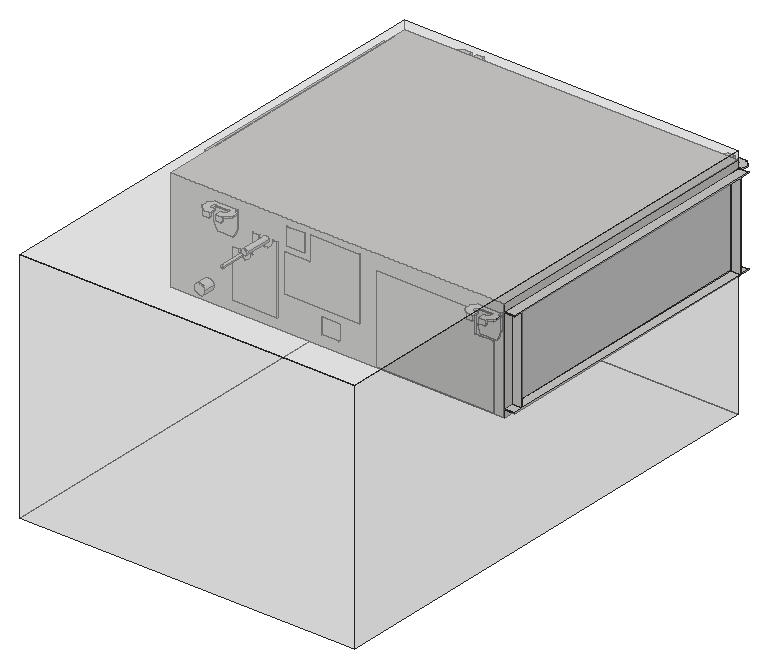
Revit family "outputfile", category 機械設備, Revit 2024
Family settings
  丸型コネクタ寸法 = 半径を使用
  パーツ タイプ = 標準
  OmniClass 番号 = 23.75.10.24.21.27.27
  OmniClass タイトル = Split System Air Conditioning Units
  作業面ベース = いいえ
  常に垂直 = はい
  ロード時にボイドで切り取り = いいえ
  注釈の向きを維持 = いいえ
  共有 = いいえ
  部屋計算ポイント = はい
Parameters (values of type "FBFC40DVM9")
  Description = ""
  製造元 = "Daikin"
  書き出し IFC クラス(タイプ) = "IfcUnitaryEquipmentType"
  定義済み IFC タイプ(タイプ) = "AIRCONDITIONINGUNIT"
  Cost = 0
  モデル = "FBFC40DVM9"
  Type Comments = ""
  Keynote = ""
  Type Image = (empty or 0)
  Assembly Code = ""
  switch_frequency = yes
  r_Liquid Pipe Size = Liquid Pipe Size / 2  # 3.2 mm
  r_Gas Pipe Size = Gas Pipe Size / 2  # 6.35 mm
  r_Drain Pipe Size = Drain Pipe Size / 2  # 12.5 mm
  lw_power = 770.0 mm  # constant formula
  lh_SA = 138.0 mm  # constant formula
  lw_SA = if(Depth = 550.0 mm, 225.0 mm, if(Depth = 700.0 mm, 300.0 mm, if(Depth = 1000.0 mm, 450.0 mm, if(Depth = 1400.0 mm, 650.0 mm, 725.0 mm))))  # 300.0 mm
  lw_RA = if(Depth = 550.0 mm, 275.0 mm, if(Depth = 700.0 mm, 349.0 mm, if(Depth = 1000.0 mm, 499.0 mm, if(Depth = 1400.0 mm, 699.0 mm, 775.0 mm))))  # 349.0 mm
  lh_power = 60.0 mm + [h***]  # 60.0 mm
  lh_mountinghole1 = lh_mountinghole + [h***]  # 222.0 mm
  lh_RA = 123.0 mm  # constant formula
  ld_power = Depth / 2  # 350.0 mm
  connector_voltage = Voltage_50Hz  # 230 V
  connector_powerinput = [Power Input (Cooling)]  # 0.000 kW
  connector_phase = Phase_50Hz  # 1
  Voltage_comment_50Hz = "220 - 240"
  Voltage_50Hz = 230 V
  URL = ""
  Supply Air Direction [instance] = yes
  Sound Power Level_H speed (dB) = 0
  Phase_50Hz = 1
  Minimum External Static Pressure = 30.00 Pa
  Minimum Circuit Amps_50Hz = 0.0 A
  Maximum Fuse Amps_50Hz = 0.0 A
  Maximum External Static Pressure = 130.00 Pa
  Material_Casing = DAIKIN_GalvanizedSteel_Casing_indoorunit
  lw_mountinghole = 630.0 mm  # constant formula
  lh_gaspipe = 183.0 mm + [h***]  # 183.0 mm
  lh_mountinghole = 222.0 mm  # constant formula
  lh_liquidpipe = 136.0 mm + [h***]  # 136.0 mm
  lh_drainpipe = 38.0 mm + [h***]  # 38.0 mm
  lh_antena = Height - lh_mountinghole + 1.0 mm  # 24.0 mm
  ld_drainpipe = Depth / 2 + 26.0 mm  # 376.0 mm
  ld_liquidpipe = Depth / 2 + 69.0 mm  # 419.0 mm
  ld_gaspipe = Depth / 2 + 65.0 mm  # 415.0 mm
  ld_mountinghole = Depth + 38.0 mm  # 738.0 mm
  h*** = 0.0 mm  # constant formula
  lw_liquidpipe = 179.0 mm  # constant formula
  lw_gaspipe = 229.0 mm  # constant formula
  lw_drainpipe = 91.0 mm  # constant formula
  Width = 800.0 mm
  Version = "ver.1.0"
  Unit Type = "M.S.P. Duct"
  Unit Mass Weight = 26.00 kg
  Unit Designation [instance] = ""
  Uniclass2015Version = "Products v1.30"
  Uniclass2015Title = "Split coil room air conditioning units"
  Uniclass2015Code = "Pr_70_65_03_86"
  Total Cooling Capacity [instance] = 0.000 kW
  Sound Pressure Level_M speed (dBA) = 35
  Sound Pressure Level_L speed (dBA) = 30
  Sound Pressure Level_H speed (dBA) = 37
  Series = "SkyAir_Fan Coil Unit"
  Sensible Cooling Capacity [instance] = 0.000 kW
  SA Duct Size Width = 492.0 mm
  SA Duct Size Height = 176.0 mm
  Refrigerant Type = "R32"
  RA Duct Size Width = 654.0 mm
  RA Duct Size Height = 208.0 mm
  Power Input (Cooling) = 0.000 kW
  Option Accessory 3 [instance] = ""
  Option Accessory 2 [instance] = ""
  Option Accessory 1 [instance] = ""
  Nominal Cooling Capacity = 4.000 kW
  Minimum Airflow = 540.00 m³/h
  Median Airflow = 720.00 m³/h
  Maximum Airflow = 930.00 m³/h
  Load Classification = HVAC
  Liquid Pipe Size = 6.4 mm
  Link_Nested Family [instance] = ""
  IfcVersion = ""
  IfcExportType = "AIRCONDITIONINGUNIT"
  IfcExportAs = "IfcUnitaryEquipmentType"
  Height = 245.0 mm
  Heat Exchanger Type = "Cross Fin Coil"
  Gas Pipe Size = 12.7 mm
  Frequency_50Hz = 50 Hz
  Fan Type = "Sirocco Fan"
  Fan Drive = "Direct Drive"
  FCU Tag No. [instance] = ""
  Drain Pipe Size = 25.0 mm
  Design Supply Airflow [instance] = 0.00 m³/h
  Design Return Airflow [instance] = 0.00 m³/h
  Design External Static Pressure [instance] = 0.00 Pa
  Depth = 700.0 mm
  既定の高さ = 0.0 mm
  Cooling Entering Wet Bulb Temperature [instance] = 0.00 °C
  Cooling Entering Dry Bulb Temperature [instance] = 0.00 °C
  Cooling Ambient Wet Bulb Temperature [instance] = 0.00 °C
  Cooling Ambient Dry Bulb Temperature [instance] = 0.00 °C
  Clearance visibility [instance] = yes
  Clearance Top = 20.0 mm
  Clearance Right = 0.0 mm
  Clearance Rear = 0.0 mm
  Clearance Left = 0.0 mm
  Clearance Front = 450.0 mm
  Clearance Bottom = 300.0 mm
Reference planes
  plane 1 "Center (Front/Back)": y = 0
  plane 2 "h": z = 0
  plane 3 "Center (Left/Right)": x = 0
  plane 4 "Back": y = 350
  plane 5 "Front": y = -350
  plane 6 "Left": x = -400
  plane 7 "Right": x = 400
  plane 8 "Top": z = 0
  plane 9 "Bottom": z = -245
  plane 10: y = -215
  plane 11: y = 350
  plane 12: y = -800
  plane 13: x = -400
  plane 14: x = 400
  plane 15: z = 20
  plane 16: z = -545
  plane 17: x = -400
  plane 18: x = -399
  plane 19: x = 399
  plane 20: y = 50
  plane 21: y = -1
  plane 22: z = -122
  plane 23: y = -351
  plane 24: z = -109
  plane 25: x = -221
  plane 26: y = -415
  plane 27: z = -62
  plane 28: x = -171
  plane 29: y = -376
  plane 30: z = -207
  plane 31: x = -309
  plane 32: x = -309
  plane 33: x = -221
  plane 34: x = -171
  plane 35: x = 370
  plane 36: x = -266
  plane 37: x = 364
  plane 38: y = -369
  plane 39: y = 369
  plane 40: z = -23
  plane 41: z = -107
  plane 42: y = -419
  plane 43: y = -376
  plane 44: x = -251
  plane 45: x = -203
  plane 46: x = -144
  plane 47: z = -59
  plane 48: z = -106
  plane 49: z = -221
  plane 50: z = -109
  plane 51: x = -221
  plane 52: z = -62
  plane 53: x = -171
  plane 54: z = -17
  plane 55: z = -59
  plane 56: x = -121
  plane 57: x = -79
  plane 58: x = -125
  plane 59: x = -64
  plane 60: x = 53
  plane 61: z = -164
  plane 62: z = -73
  plane 63: z = -16
  plane 64: x = 93.5
  plane 65: x = 374.5
  plane 66: x = 330
  plane 67: z = -88.5
  plane 68: z = -38
  plane 69: z = -242.5
  plane 70: x = -38.5
  plane 71: x = 6.5
  plane 72: z = -181
  plane 73: z = -221
  plane 74: y = -349
  plane 75: x = -424
  plane 76: x = 424
Forms (mm)
  Extrusion 1, solid, material "DAIKIN_GalvanizedSteel_Casing_indoorunit" <- "Material_Casing"
    sketch origin (0, 0, 0) x (1, 0, 0) y (0, 1, 0)
      loop
        line (-399, 350) -> (-399, -350) -> (399, -350) -> (399, 350) -> (-399, 350)
    from -245 to 0
  Extrusion 2, solid, material "DAIKIN_GalvanizedSteel_Casing_indoorunit" <- "Material_Casing"
    sketch origin (0, 0, 0) x (1, 0, 0) y (0, 0, 1)
      loop
        line (-251, -221) -> (-144, -221) -> (-144, -59) -> (-154.47, -59)
        arc (-154.47, -59) -> (-171, -78.8) -> (-187.53, -59) r 16.8
        line (-187.53, -59) -> (-203, -59) -> (-203, -106) -> (-206.916, -106)
        arc (-206.916, -106) -> (-221, -123.4) -> (-235.084, -106) r 14.4
        line (-235.084, -106) -> (-251, -106) -> (-251, -221)
    from 350 to 351
  Extrusion 3, solid, material "DAIKIN_GalvanizedSteel_Casing_indoorunit" <- "Material_Casing"
    sketch origin (0, 0, 0) x (1, 0, 0) y (0, 0, 1)
      loop
        line (-121, -17) -> (-121, -59) -> (-79, -59) -> (-79, -17) -> (-121, -17)
      loop
        line (-125, -73) -> (-125, -164) -> (53, -164) -> (53, -16) -> (-64, -16) -> (-64, -73) -> (-125, -73)
    from 350 to 351
  Extrusion 4, solid, material "DAIKIN_GalvanizedSteel_Casing_indoorunit" <- "Material_Casing"
    sketch origin (0, 0, 0) x (1, 0, 0) y (0, 0, 1)
      loop
        line (93.5, -38) -> (93.5, -242.5) -> (374.5, -242.5) -> (374.5, -88.5) -> (330, -88.5) -> (330, -38) -> (93.5, -38)
    from 350 to 351
  Extrusion 5, solid, material "DAIKIN_GalvanizedSteel_Casing_indoorunit" <- "Material_Casing"
    sketch origin (0, 0, 0) x (1, 0, 0) y (0, 0, 1)
      loop
        circle (-221, -109) r 3.2
    from 350 to 419
  Extrusion 6, solid, material "DAIKIN_GalvanizedSteel_Casing_indoorunit" <- "Material_Casing"
    sketch origin (0, 0, 0) x (1, 0, 0) y (0, 0, 1)
      loop
        circle (-171, -62) r 6.35
    from 350 to 415
  Extrusion 7, solid, material "DAIKIN_GalvanizedSteel_Casing_indoorunit" <- "Material_Casing"
    sketch origin (0, 0, 0) x (1, 0, 0) y (0, 0, 1)
      loop
        circle (-309, -207) r 12.5
    from 350 to 376
  Extrusion 8, void
    sketch origin (0, 0, 0) x (1, 0, 0) y (0, 0, 1)
      loop
        line (-38.5, -181) -> (-38.5, -221) -> (6.5, -221) -> (6.5, -181) -> (-38.5, -181)
    from 349 to 350
Cuts and joins
  Extrusion 8 cuts Extrusion 1
Dimensions and locks
  "Height": plane 8 "Top" to plane 9 "Bottom"
  equal spacing: plane 4 "Back", plane 1 "Center (Front/Back)", plane 5 "Front"
  "Depth": plane 4 "Back" to plane 5 "Front"
  equal spacing: plane 6 "Left", plane 3 "Center (Left/Right)", plane 7 "Right"
  "Width": plane 6 "Left" to plane 7 "Right"
  "Clearance Left": plane 13 to plane 6 "Left"
  "Clearance Right": plane 7 "Right" to plane 14
  "Clearance Rear": plane 11 to plane 4 "Back"
  "Clearance Front": plane 5 "Front" to plane 12
  "Clearance Top": plane 15 to plane 8 "Top"
  "Clearance Bottom": plane 9 "Bottom" to plane 16
  locked: plane 17 to plane 18 at 1
  locked: plane 19 to plane 14 at 1
  "lw_SA": plane 11 to plane 20
  "lw_RA": plane 21 to plane 5 "Front"
  "lh_RA": plane 22 to plane 9 "Bottom"
  locked: plane 5 "Front" to plane 23 at 1
  "lw_liquidpipe": plane 25 to plane 6 "Left"
  "lh_liquidpipe": plane 24 to plane 9 "Bottom"
  "lh_gaspipe": plane 27 to plane 9 "Bottom"
  "lw_gaspipe": plane 28 to plane 6 "Left"
  "ld_gaspipe": plane 26 to plane 1 "Center (Front/Back)"
  "ld_drainpipe": plane 29 to plane 1 "Center (Front/Back)"
  "lh_drainpipe": plane 30 to plane 9 "Bottom"
  "lw_drainpipe": plane 31 to plane 6 "Left"
  "lw_drainpipe": plane 6 "Left" to plane 32
  "lw_liquidpipe": plane 6 "Left" to plane 33
  "lw_gaspipe": plane 6 "Left" to plane 34
  "lw_power": plane 6 "Left" to plane 35
  locked: plane 17 to plane 36 at 134
  "lw_mountinghole": plane 36 to plane 37
  equal spacing: plane 38, plane 1 "Center (Front/Back)", plane 39
  "ld_mountinghole": plane 39 to plane 38
  "lh_mountinghole": plane 40 to plane 9 "Bottom"
  "lh_SA": plane 41 to plane 9 "Bottom"
  plane 46 to plane 45 to plane 44 to plane 6 "Left" = 59.0 mm, 48.0 mm, 149.0 mm
  plane 8 "Top" to plane 47 to plane 48 to plane 49 = 59.0 mm locked, 47.0 mm locked, 115.0 mm locked
  plane 53 to plane 51 to plane 6 "Left" = 50.0 mm locked, 179.0 mm locked
  plane 52 to plane 50 to plane 9 "Bottom" = 47.0 mm locked, 136.0 mm locked
  plane 57 to plane 56 to plane 6 "Left" = 42.0 mm locked, 279.0 mm locked
  plane 8 "Top" to plane 54 to plane 55 = 17.0 mm locked, 42.0 mm locked
  plane 60 to plane 59 to plane 58 to plane 6 "Left" = 117.0 mm, 61.0 mm, 275.0 mm
  plane 8 "Top" to plane 63 to plane 62 = 16.0 mm locked, 57.0 mm locked
  locked: plane 63 to plane 61 at 148
  plane 8 "Top" to plane 68 to plane 67 to plane 69 = 38.0 mm locked, 50.5 mm locked, 154.0 mm locked
  plane 65 to plane 66 to plane 64 to plane 6 "Left" = 44.5 mm locked, 236.5 mm locked, 493.5 mm locked
  plane 8 "Top" to plane 72 to plane 73 = 181.0 mm locked, 40.0 mm locked
  plane 71 to plane 70 to plane 6 "Left" = 45.0 mm, 361.5 mm
  locked: plane 74 to plane 5 "Front" at 1
  locked: plane 75 to plane 17 at 24
  locked: plane 14 to plane 76 at 24
  "ld_liquidpipe": plane 42 to plane 1 "Center (Front/Back)"
  "r_Liquid Pipe Size": radius of Extrusion 5 sketch curve
  "r_Gas Pipe Size": radius of Extrusion 6 sketch curve
  "r_Drain Pipe Size": radius of Extrusion 7 sketch curve
  aligned and locked: level to plane 2 "h"
  aligned and locked: plane 8 "Top" to Extrusion 1
  aligned and locked: Extrusion 1 to plane 9 "Bottom"
  aligned and locked: nested 5 to plane 12
  aligned and locked: plane 13 to nested 5
  aligned and locked: plane 14 to nested 5
  aligned and locked: nested 5 to plane 13
  aligned and locked: plane 11 to nested 5
  aligned and locked: plane 15 to nested 5
  aligned and locked: plane 16 to nested 5
  aligned and locked: plane 5 "Front" to Extrusion 1 sketch curve
  aligned and locked: Extrusion 1 to plane 18
  aligned and locked: plane 19 to Extrusion 1
  aligned and locked: nested 7 to plane 18
  aligned and locked: nested 7 to plane 20
  aligned and locked: plane 19 to nested 8
  aligned and locked: plane 21 to nested 8
  aligned and locked: plane 22 to nested 8
  aligned and locked: Extrusion 2 to plane 23
  aligned and locked: plane 5 "Front" to Extrusion 2
  aligned and locked: Extrusion 3 to plane 23
  aligned and locked: plane 5 "Front" to Extrusion 3
  aligned and locked: plane 5 "Front" to Extrusion 4
  aligned and locked: Extrusion 5 sketch curve to plane 25
  aligned and locked: plane 24 to Extrusion 5 sketch curve
  aligned and locked: plane 5 "Front" to Extrusion 5
  aligned and locked: Extrusion 6 sketch curve to plane 28
  aligned and locked: plane 27 to Extrusion 6 sketch curve
  aligned and locked: plane 5 "Front" to Extrusion 6
  aligned and locked: Extrusion 7 sketch curve to plane 31
  aligned and locked: plane 30 to Extrusion 7 sketch curve
  aligned and locked: Extrusion 7 to plane 29
  aligned and locked: nested 3 to plane 29
  aligned and locked: plane 32 to nested 3
  aligned and locked: nested 2 to plane 33
  aligned and locked: nested 1 to plane 34
  aligned and locked: Extrusion 6 to plane 26
  aligned and locked: nested 1 to plane 26
  aligned and locked: nested 6 to plane 5 "Front"
  aligned and locked: nested 6 to plane 35
  aligned and locked: plane 36 to nested 10
  aligned and locked: nested 10 to plane 5 "Front"
  aligned and locked: plane 37 to nested 9
  aligned and locked: nested 9 to plane 5 "Front"
  aligned and locked: nested 11 to plane 36
  aligned and locked: plane 4 "Back" to nested 11
  aligned and locked: nested 12 to plane 37
  aligned and locked: plane 4 "Back" to nested 12
  aligned and locked: plane 40 to nested 10
  aligned and locked: plane 40 to nested 11
  aligned and locked: plane 40 to nested 9
  aligned and locked: plane 40 to nested 12
  aligned and locked: plane 36 to nested 14
  aligned and locked: nested 14 to plane 39
  aligned and locked: plane 37 to nested 13
  aligned and locked: nested 13 to plane 39
  aligned and locked: plane 37 to nested 16
  aligned and locked: plane 38 to nested 16
  aligned and locked: plane 38 to nested 15
  aligned and locked: plane 36 to nested 15
  aligned and locked: plane 17 to plane 6 "Left"
  aligned and locked: plane 41 to nested 7
  aligned and locked: Extrusion 5 to plane 42
  aligned and locked: nested 2 to plane 42
  aligned and locked: Extrusion 3 sketch curve to plane 54
  aligned and locked: Extrusion 3 sketch curve to plane 56
  aligned and locked: plane 55 to Extrusion 3 sketch curve
  aligned and locked: plane 57 to Extrusion 3 sketch curve
  aligned and locked: Extrusion 4 to plane 23
  aligned and locked: Extrusion 8 sketch curve to plane 72
  aligned and locked: plane 73 to Extrusion 8 sketch curve
  aligned and locked: plane 71 to Extrusion 8 sketch curve
  aligned and locked: plane 5 "Front" to Extrusion 8
  aligned and locked: plane 74 to Extrusion 8
  aligned and locked: nested 17 to plane 20
  aligned and locked: nested 17 to plane 75
  aligned and locked: plane 21 to nested 18
  aligned and locked: plane 76 to nested 18
  aligned and locked: plane 41 to nested 17
  aligned and locked: nested 18 to plane 22
  aligned and locked: nested 4 to plane 3 "Center (Left/Right)"
  aligned and locked: plane 1 "Center (Front/Back)" to nested 4
  aligned and locked: level to plane 8 "Top"
  aligned and locked: plane 5 "Front" to Extrusion 7
Automatic sketch dimensions
  plane 6 "Left" to Extrusion 1 sketch curve = 1.0 mm
  Extrusion 1 sketch curve to plane 7 "Right" = 1.0 mm
  Extrusion 1 sketch curve to plane 4 "Back" = 0.0 mm
  Extrusion 2 sketch curve to plane 44 = 0.0 mm
  Extrusion 2 sketch curve to plane 33 = 0.0 mm
  Extrusion 2 sketch curve to plane 45 = 0.0 mm
  Extrusion 2 sketch curve to plane 34 = 0.0 mm
  Extrusion 2 sketch curve to plane 46 = 0.0 mm
  Extrusion 2 sketch curve to plane 49 = 0.0 mm
  Extrusion 2 sketch curve to plane 50 = 0.0 mm
  Extrusion 2 sketch curve to plane 48 = 0.0 mm  (x3)
  Extrusion 2 sketch curve to plane 52 = 0.0 mm
  Extrusion 2 sketch curve to plane 47 = 0.0 mm  (x3)
  plane 33 to Extrusion 2 sketch curve = 14.084 mm
  plane 34 to Extrusion 2 sketch curve = 16.53 mm
  Extrusion 3 sketch curve to plane 58 = 0.0 mm
  Extrusion 3 sketch curve to plane 59 = 0.0 mm
  Extrusion 3 sketch curve to plane 60 = 0.0 mm
  Extrusion 3 sketch curve to plane 61 = 0.0 mm
  Extrusion 3 sketch curve to plane 62 = 0.0 mm
  Extrusion 3 sketch curve to plane 63 = 0.0 mm
  Extrusion 4 sketch curve to plane 64 = 0.0 mm
  Extrusion 4 sketch curve to plane 66 = 0.0 mm
  Extrusion 4 sketch curve to plane 65 = 0.0 mm
  Extrusion 4 sketch curve to plane 69 = 0.0 mm
  Extrusion 4 sketch curve to plane 67 = 0.0 mm
  Extrusion 4 sketch curve to plane 68 = 0.0 mm
  Extrusion 8 sketch curve to plane 70 = 0.0 mm
Nested families
  nested 1: "daikin_connector_rotate2" at (-171, 0, -62), length <- "ld_gaspipe", built-in parameter 1001364 <- "lh_gaspipe", radius <- "r_Gas Pipe Size", type "daikin_connector_rotate2"
    with radius 6.35 mm, length 415.0 mm, angle_vertical 90.00°
  nested 2: "daikin_connector_rotate2" at (-221, 0, -109), length <- "ld_liquidpipe", built-in parameter 1001364 <- "lh_liquidpipe", radius <- "r_Liquid Pipe Size", type "daikin_connector_rotate2"
    with radius 3.2 mm, length 419.0 mm, angle_vertical 90.00°
  nested 3: "daikin_connector_rotate2" at (-309, 0, -207), length <- "ld_drainpipe", built-in parameter 1001364 <- "lh_drainpipe", radius <- "r_Drain Pipe Size", type "daikin_connector_rotate2"
    with radius 12.5 mm, length 376.0 mm, angle_vertical 90.00°
  nested 4: "daikin_△_symbolicline" at (0, 0, 245) x (0, -1, 0) z (0, 0, 1), built-in parameter 1001364 <- "Height", visible <- "Supply Air Direction", type "daikin_△_symbolicline"
    with length 200.0 mm
  nested 5: "daikin_clearancespace" at (0, -225, -262.381), visible <- "Clearance visibility", show <- "Clearance visibility", Link_Nested Family <- "Link_Nested Family", type "daikin_clearancespace"
    with width 800.0 mm, show yes, height 565.0 mm, depth 1150.0 mm, Link_Nested Family ""
  nested 6: "daikin_connector_rotate2" at (370, 0, -185), built-in parameter 1001364 <- "lh_power", length <- "ld_power", type "daikin_connector_rotate2"
    with radius 10.0 mm, length 350.0 mm, angle_vertical 90.00°
  nested 7: "daikin_ductflange_FBFC-DVM92" at (-399, 50, -107) x (0, -1, 0) z (0, 0, 1), type "daikin_ductflange_FBFC-DVM92"
    with width 492.0 mm, w 700.0 mm
  nested 8: "daikin_ductflange_FBFC-DVM9" at (399, -1, -122) x (0, 1, 0) z (0, 0, 1), type "daikin_ductflange_FBFC-DVM9"
  nested 9: "daikin_hangerfixture_FBFC-DVM9" at (364, -350, -23), type "daikin_hangerfixture_FBFC-DVM9"
  nested 10: "daikin_hangerfixture_FBFC-DVM9" at (-266, -350, -23), type "daikin_hangerfixture_FBFC-DVM9"
  nested 11: "daikin_hangerfixture_FBFC-DVM9" at (-266, 350, -23) x (-1, 0, 0) z (0, 0, 1), type "daikin_hangerfixture_FBFC-DVM9"
  nested 12: "daikin_hangerfixture_FBFC-DVM9" at (364, 350, -23) x (-1, 0, 0) z (0, 0, 1), type "daikin_hangerfixture_FBFC-DVM9"
  nested 13: "daikin_mountinghole" at (364, 369, -245), h_mountinghole <- "lh_mountinghole1", l_antenna <- "lh_antena", Link_Nested Family <- "Link_Nested Family", type "daikin_mountinghole"
    with show yes, l_antenna 24.0 mm, h_mountinghole 222.0 mm, Link_Nested Family ""
  nested 14: "daikin_mountinghole" at (-266, 369, -245), h_mountinghole <- "lh_mountinghole1", l_antenna <- "lh_antena", Link_Nested Family <- "Link_Nested Family", type "daikin_mountinghole"
    with show yes, l_antenna 24.0 mm, h_mountinghole 222.0 mm, Link_Nested Family ""
  nested 15: "daikin_mountinghole" at (-266, -369, -245), h_mountinghole <- "lh_mountinghole1", l_antenna <- "lh_antena", Link_Nested Family <- "Link_Nested Family", type "daikin_mountinghole"
    with show yes, l_antenna 24.0 mm, h_mountinghole 222.0 mm, Link_Nested Family ""
  nested 16: "daikin_mountinghole" at (364, -369, -245), h_mountinghole <- "lh_mountinghole1", l_antenna <- "lh_antena", Link_Nested Family <- "Link_Nested Family", type "daikin_mountinghole"
    with show yes, l_antenna 24.0 mm, h_mountinghole 222.0 mm, Link_Nested Family ""
  nested 17: "daikin_connector_rotate2" at (-400, 50, -107) x (0, -1, 0) z (0, 0, 1), type "daikin_connector_rotate2"
    with radius 10.0 mm, length 24.0 mm, angle_vertical 90.00°
  nested 18: "daikin_connector_rotate2" at (400, -1, -122) x (0, 1, 0) z (0, 0, 1), type "daikin_connector_rotate2"
    with radius 10.0 mm, length 24.0 mm, angle_vertical 90.00°
Connectors
  piping at (-309, -376, -207), diameter 25, driven by "r_Drain Pipe Size"
    settings: on nested 3, index 3, connector inside diameter 609.6 mm, connector length 0.0 mm, flow factor 0, pipe flow 0.00 m³/h, pressure drop 0.0 Pa, fitting loss kfactor 0, connector angle 0.00°, fixture units 0, engagement length 0.0 mm, angle of deflection 0.00°, flow configuration 1, flow direction 2, fitting loss method 4, system type 16, joint type 0, gender type 0, connector reference index -1, connector utility 0, adjustable connector no, is connector primary yes, connector description "Condensate Drain Piping"
  piping at (-171, -415, -62), diameter 12.7, driven by "r_Gas Pipe Size"
    settings: on nested 1, index 4, connector inside diameter 609.6 mm, connector length 0.0 mm, flow factor 0, pipe flow 0.00 m³/h, pressure drop 0.0 Pa, fitting loss kfactor 0, connector angle 0.00°, fixture units 0, engagement length 0.0 mm, angle of deflection 0.00°, flow configuration 1, flow direction 2, fitting loss method 0, system type 29, joint type 0, gender type 0, connector reference index -1, connector utility 0, adjustable connector no, is connector primary no, connector description "Refrigerant Gas Piping"
  piping at (-221, -419, -109), diameter 6.4, driven by "r_Liquid Pipe Size"
    settings: on nested 2, index 5, connector inside diameter 609.6 mm, connector length 0.0 mm, flow factor 0, pipe flow 0.00 m³/h, pressure drop 0.0 Pa, fitting loss kfactor 0, connector angle 0.00°, fixture units 0, engagement length 0.0 mm, angle of deflection 0.00°, flow configuration 1, flow direction 1, fitting loss method 0, system type 29, joint type 0, gender type 0, connector reference index -1, connector utility 0, adjustable connector no, is connector primary no, connector description "Refrigerant Liquid Piping"
  electrical at (370, -350, -185), driven by "Load Classification", driven by "connector_phase", driven by "connector_powerinput", driven by "connector_voltage"
    settings: on nested 6, index 6, voltage 230 V, apparent load 0 VA, apparent load phase1 0 VA, apparent load phase2 0 VA, apparent load phase3 0 VA, power factor 1, load classification "HVAC", number of poles 1, system type 30, power factor state 1, is connector primary yes, connector utility no, sub classification motor no, connector description "Power Supply"
  hvac at (-424, 50, -107), driven by "SA Duct Size Height", driven by "SA Duct Size Width"
    settings: on nested 17, index 7, duct flow 0.00 m³/h, flow factor 0, pres drop 0.00 Pa, loss coef 0, conn angle 0.00°, conn width 492.0 mm, conn height 176.0 mm, conn diameter 609.6 mm, duct sys type 1, conn prof type 1, flow config 0, flow direction 2, loss method 4, conn ref index -1, conn util no, is conn primary yes, conn desc "SA Duct"
  hvac at (424, -1, -122), driven by "RA Duct Size Height", driven by "RA Duct Size Width"
    settings: on nested 18, index 8, duct flow 0.00 m³/h, flow factor 0, pres drop 0.00 Pa, loss coef 0, conn angle 0.00°, conn width 654.0 mm, conn height 208.0 mm, conn diameter 609.6 mm, duct sys type 2, conn prof type 1, flow config 0, flow direction 1, loss method 4, conn ref index -1, conn util no, is conn primary no, conn desc "RA Duct"
Definition of nested family "daikin_clearancespace"
  Parameters (values of type "daikin_clearancespace")
    Description = "daikin_clearancespace"
    width [instance] = 1823.963 mm
    show [instance] = yes
    material = none
    height [instance] = 1359.762 mm
    depth [instance] = 880.0 mm
    Default Elevation = 0.0 mm
    Link_Nested Family [instance] = ""
  Reference planes
    plane 1 "Center (Front/Back)": y = 0
    plane 2 "Center (Elevation)": z = -0.119
    plane 3 "Center (Left/Right)": x = 0
    plane 4: y = 440
    plane 5: y = -440
    plane 6 "Right": x = 911.982
    plane 7 "Left": x = -911.982
    plane 8 "Top": z = 679.762
    plane 9 "Bottom": z = -680
  Forms (mm)
    Extrusion 1, solid, material <- "material", visible <- "show"
      sketch origin (0, 0, 0) x (1, 0, 0) y (0, 1, 0)
        loop
          line (-911.982, 440) -> (-911.982, -440) -> (911.982, -440) -> (911.982, 440) -> (-911.982, 440)
      from -680 to 679.762
  Lines and regions (mm)
    symbolic lines, visible <- "show"
      curve 1: line (911.982, 440, 0) -> (-911.982, 440, 0)
      curve 2: line (-911.982, 440, 0) -> (-911.982, -440, 0)
      curve 3: line (-911.982, -440, 0) -> (911.982, -440, 0)
      curve 4: line (911.982, -440, 0) -> (911.982, 440, 0)
      curve 5: line (911.982, 0, 679.762) -> (-911.982, 0, 679.762)
      curve 6: line (911.982, 0, -680) -> (911.982, 0, 679.762)
      curve 7: line (-911.982, 0, -680) -> (911.982, 0, -680)
      curve 8: line (-911.982, 0, 679.762) -> (-911.982, 0, -680)
      curve 9: line (0, 440, 679.762) -> (0, -440, 679.762)
      curve 10: line (0, -440, 679.762) -> (0, -440, -680)
      curve 11: line (0, 440, -680) -> (0, 440, 679.762)
      curve 12: line (0, -440, -680) -> (0, 440, -680)
  Dimensions and locks
    "width": plane 7 "Left" to plane 6 "Right"
    "depth": plane 4 to plane 5
    "height": plane 8 "Top" to plane 9 "Bottom"
    equal spacing: plane 7 "Left", plane 3 "Center (Left/Right)", plane 6 "Right"
    equal spacing: plane 4, plane 1 "Center (Front/Back)", plane 5
    equal spacing: plane 8 "Top", plane 2 "Center (Elevation)", plane 9 "Bottom"
    aligned and locked: level to plane 2 "Center (Elevation)"
    aligned and locked: Extrusion 1 sketch curve to plane 4
    aligned and locked: plane 7 "Left" to Extrusion 1 sketch curve
    aligned and locked: Extrusion 1 sketch curve to plane 5
    aligned and locked: Extrusion 1 sketch curve to plane 6 "Right"
    aligned and locked: plane 8 "Top" to Extrusion 1
    aligned and locked: curve 1 to Extrusion 1
    aligned and locked: curve 2 to Extrusion 1
    aligned and locked: curve 3 to Extrusion 1
    aligned and locked: curve 4 to Extrusion 1
    aligned and locked: curve 5 to Extrusion 1
    aligned and locked: curve 6 to Extrusion 1
    aligned and locked: curve 7 to Extrusion 1
    aligned and locked: curve 8 to Extrusion 1
    aligned and locked: curve 9 to Extrusion 1
    aligned and locked: curve 10 to Extrusion 1
    aligned and locked: curve 11 to Extrusion 1
    aligned and locked: curve 12 to Extrusion 1
    aligned and locked: Extrusion 1 to plane 9 "Bottom"
Definition of nested family "daikin_ductflange_FBFC-DVM92"
  Parameters (values of type "daikin_ductflange_FBFC-DVMG2")
    width = if(w = 550.0 mm, 337.0 mm, if(w = 700.0 mm, 492.0 mm, if(w = 1000.0 mm, 792.0 mm, if(w = 1400.0 mm, 1192.0 mm, 1337.0 mm))))  # 1192.0 mm
    material = none
    height = 215.0 mm
    depth = 1.0 mm
    w = 1400.0 mm
    Default Elevation = 0.0 mm
  Reference planes
    plane 1 "Center (Front/Back)": y = 0
    plane 2: z = 0
    plane 3 "Center (Left/Right)": x = 0
    plane 4: z = 88
    plane 5: z = -88
    plane 6: y = -25
    plane 7: z = 106
    plane 8: z = 89
    plane 9: y = -1
    plane 10: x = -617.5
    plane 11: x = 617.5
    plane 12: z = -106
    plane 13: z = -89
    plane 14: y = -1
    plane 15: x = 596
    plane 16: x = -596
    plane 17: x = 597
    plane 18: z = 87
    plane 19: z = -87
    plane 20: x = -597
    plane 21: z = 87
    plane 22: z = -87
    plane 23: y = -1
  Forms (mm)
    Extrusion 1, solid, material <- "material"
      sketch origin (0, 0, 0) x (0, 1, 0) y (0, 0, 1)
        loop
          line (-25, 88) -> (0, 88) -> (0, 106) -> (-1, 106) -> (-1, 89) -> (-25, 89) -> (-25, 88)
      from -617.5 to 617.5
    Extrusion 2, solid, material <- "material"
      sketch origin (0, 0, 0) x (0, 1, 0) y (0, 0, 1)
        loop
          line (-25, -88) -> (-25, -89) -> (-1, -89) -> (-1, -106) -> (0, -106) -> (0, -88) -> (-25, -88)
      from -617.5 to 617.5
    Extrusion 3, solid, material <- "material"
      sketch origin (0, 0, 0) x (1, 0, 0) y (0, 0, 1)
        loop
          line (596, 88) -> (596, -88) -> (617.5, -88) -> (617.5, -87) -> (597, -87) -> (597, 87) -> (617.5, 87) -> (617.5, 88) -> (596, 88)
      from 0 to 25
    Extrusion 4, solid, material <- "material"
      sketch origin (0, 0, 0) x (1, 0, 0) y (0, 0, 1)
        loop
          line (-617.5, 88) -> (-617.5, 87) -> (-597, 87) -> (-597, -87) -> (-617.5, -87) -> (-617.5, -88) -> (-596, -88) -> (-596, 88) -> (-617.5, 88)
      from 0 to 25
    Extrusion 5, solid, material <- "material"
      sketch origin (0, 0, 0) x (1, 0, 0) y (0, 0, 1)
        loop
          line (-617.5, 88) -> (-617.5, -88) -> (-596, -88) -> (-596, 88) -> (-617.5, 88)
        loop
          line (617.5, 88) -> (596, 88) -> (596, -88) -> (617.5, -88) -> (617.5, 88)
      from 0 to 1
  Cuts and joins
    joined: Extrusion 1, Extrusion 2, Extrusion 3, Extrusion 4, Extrusion 5
  Dimensions and locks
    plane 4 to level to plane 5 = 88.0 mm, 88.0 mm
    locked: plane 6 to plane 1 "Center (Front/Back)" at 25
    locked: plane 9 to plane 1 "Center (Front/Back)" at 1
    locked: plane 8 to plane 4 at 1
    locked: plane 16 to plane 10 at 21.5
    locked: plane 17 to plane 15 at 1
    locked: plane 4 to plane 18 at 1
    locked: plane 19 to plane 5 at 1
    "width": plane 15 to plane 16
    plane 4 to plane 5 = 176.0 mm
    locked: plane 16 to plane 20 at 1
    locked: plane 4 to plane 21 at 1
    locked: plane 22 to plane 5 at 1
    locked: plane 23 to plane 1 "Center (Front/Back)" at 1
    plane 4 to level to plane 5 = 88.0 mm locked, 88.0 mm locked
    locked: plane 5 to plane 13 at 1
    locked: plane 5 to plane 12 at 18
    locked: plane 7 to plane 4 at 18
    equal spacing: plane 15, plane 3 "Center (Left/Right)", plane 16
    locked: plane 11 to plane 15 at 21.5
    plane 11 to plane 10 = 1235.0 mm
    aligned and locked: level to plane 2
    aligned and locked: Extrusion 1 to plane 10
    aligned and locked: plane 11 to Extrusion 1
    aligned and locked: plane 5 to Extrusion 2
    aligned and locked: Extrusion 2 to plane 1 "Center (Front/Back)"
    aligned and locked: plane 15 to Extrusion 3 sketch curve
    aligned and locked: Extrusion 3 sketch curve to Extrusion 2  (x2)
    aligned and locked: Extrusion 3 sketch curve to plane 11
    aligned and locked: plane 6 to Extrusion 3
    aligned and locked: Extrusion 2 to plane 10
    aligned and locked: plane 11 to Extrusion 2
    aligned and locked: Extrusion 4 sketch curve to Extrusion 1  (x2)
    aligned and locked: plane 5 to Extrusion 4 sketch curve
    aligned and locked: Extrusion 4 sketch curve to plane 16
    aligned and locked: Extrusion 4 sketch curve to plane 22
    aligned and locked: plane 20 to Extrusion 4 sketch curve
    aligned and locked: plane 21 to Extrusion 4 sketch curve
    aligned and locked: Extrusion 4 to plane 1 "Center (Front/Back)"
    aligned and locked: plane 6 to Extrusion 4
    aligned and locked: Extrusion 5 sketch curve to Extrusion 1  (x4)
    aligned and locked: Extrusion 5 sketch curve to Extrusion 4  (x2)
    aligned and locked: Extrusion 5 sketch curve to Extrusion 3  (x2)
    aligned and locked: Extrusion 5 to plane 1 "Center (Front/Back)"
    aligned and locked: plane 23 to Extrusion 5
  Automatic sketch dimensions
    Extrusion 1 sketch curve to plane 6 = 0.0 mm
    Extrusion 1 sketch curve to plane 7 = 0.0 mm
    Extrusion 1 sketch curve to plane 9 = 0.0 mm
    Extrusion 1 sketch curve to plane 1 "Center (Front/Back)" = 0.0 mm
    Extrusion 1 sketch curve to plane 4 = 0.0 mm
    Extrusion 1 sketch curve to plane 8 = 0.0 mm
    Extrusion 2 sketch curve to plane 6 = 0.0 mm
    plane 12 to Extrusion 2 sketch curve = 0.0 mm
    Extrusion 2 sketch curve to plane 14 = 0.0 mm
    Extrusion 2 sketch curve to plane 1 "Center (Front/Back)" = 0.0 mm
    plane 13 to Extrusion 2 sketch curve = 0.0 mm
    Extrusion 2 sketch curve to plane 5 = 0.0 mm
    Extrusion 3 sketch curve to plane 17 = 0.0 mm
    Extrusion 3 sketch curve to plane 19 = 0.0 mm
    Extrusion 3 sketch curve to plane 18 = 0.0 mm
    Extrusion 3 sketch curve to plane 4 = 0.0 mm
    Extrusion 4 sketch curve to plane 10 = 0.0 mm
Definition of nested family "daikin_ductflange_FBFC-DVM9"
  Parameters (values of type "daikin_ductflange_FBFC-DVMG")
    width = if(w = 550.0 mm, 502.0 mm, if(w = 700.0 mm, 654.0 mm, if(w = 1000.0 mm, 952.0 mm, if(w = 1400.0 mm, 1352.0 mm, 1502.0 mm))))  # 654.0 mm
    material = none
    lw = if(width = 654.0 mm, 23.0 mm, 25.0 mm)  # 23.0 mm
    height = 208.0 mm
    depth = 1.0 mm
    w = 700.0 mm
    Default Elevation = 0.0 mm
  Reference planes
    plane 1 "Center (Front/Back)": y = 0
    plane 2: z = 0
    plane 3 "Center (Left/Right)": x = 0
    plane 4: z = 104
    plane 5: z = -104
    plane 6: y = -25
    plane 7: z = 121
    plane 8: z = 105
    plane 9: y = -1
    plane 10: x = -350
    plane 11: x = 350
    plane 12: z = -122
    plane 13: z = -105
    plane 14: y = -1
    plane 15: x = 327
    plane 16: x = -327
    plane 17: x = 328
    plane 18: z = 103
    plane 19: z = -103
    plane 20: x = -328
    plane 21: z = 103
    plane 22: z = -103
    plane 23: y = -1
  Forms (mm)
    Extrusion 1, solid, material <- "material"
      sketch origin (0, 0, 0) x (0, 1, 0) y (0, 0, 1)
        loop
          line (-25, 104) -> (0, 104) -> (0, 121) -> (-1, 121) -> (-1, 105) -> (-25, 105) -> (-25, 104)
      from -350 to 350
    Extrusion 2, solid, material <- "material"
      sketch origin (0, 0, 0) x (0, 1, 0) y (0, 0, 1)
        loop
          line (-25, -104) -> (-25, -105) -> (-1, -105) -> (-1, -122) -> (0, -122) -> (0, -104) -> (-25, -104)
      from -350 to 350
    Extrusion 3, solid, material <- "material"
      sketch origin (0, 0, 0) x (1, 0, 0) y (0, 0, 1)
        loop
          line (327, 104) -> (327, -104) -> (350, -104) -> (350, -103) -> (328, -103) -> (328, 103) -> (350, 103) -> (350, 104) -> (327, 104)
      from 0 to 25
    Extrusion 4, solid, material <- "material"
      sketch origin (0, 0, 0) x (1, 0, 0) y (0, 0, 1)
        loop
          line (-350, 104) -> (-350, 103) -> (-328, 103) -> (-328, -103) -> (-350, -103) -> (-350, -104) -> (-327, -104) -> (-327, 104) -> (-350, 104)
      from 0 to 25
    Extrusion 5, solid, material <- "material"
      sketch origin (0, 0, 0) x (1, 0, 0) y (0, 0, 1)
        loop
          line (-350, 104) -> (-350, -104) -> (-327, -104) -> (-327, 104) -> (-350, 104)
        loop
          line (350, 104) -> (327, 104) -> (327, -104) -> (350, -104) -> (350, 104)
      from 0 to 1
  Cuts and joins
    joined: Extrusion 1, Extrusion 2, Extrusion 3, Extrusion 4, Extrusion 5
  Dimensions and locks
    plane 4 to level to plane 5 = 104.0 mm, 104.0 mm
    locked: plane 6 to plane 1 "Center (Front/Back)" at 25
    locked: plane 9 to plane 1 "Center (Front/Back)" at 1
    locked: plane 8 to plane 4 at 1
    "lw": plane 11 to plane 15
    "lw": plane 16 to plane 10
    locked: plane 17 to plane 15 at 1
    locked: plane 4 to plane 18 at 1
    locked: plane 19 to plane 5 at 1
    "width": plane 15 to plane 16
    equal spacing: plane 15, plane 3 "Center (Left/Right)", plane 16
    locked: plane 16 to plane 20 at 1
    locked: plane 4 to plane 21 at 1
    locked: plane 22 to plane 5 at 1
    locked: plane 23 to plane 1 "Center (Front/Back)" at 1
    locked: plane 7 to plane 4 at 17
    locked: plane 1 "Center (Front/Back)" to plane 14 at 1
    locked: plane 5 to plane 13 at 1
    "height": plane 4 to plane 5
    plane 11 to plane 10 = 700.0 mm
    locked: plane 12 to plane 13 at 17
    equal spacing: plane 4, level, plane 5
    aligned and locked: level to plane 2
    aligned and locked: Extrusion 1 to plane 10
    aligned and locked: plane 11 to Extrusion 1
    aligned and locked: plane 5 to Extrusion 2
    aligned and locked: Extrusion 2 to plane 1 "Center (Front/Back)"
    aligned and locked: plane 15 to Extrusion 3 sketch curve
    aligned and locked: Extrusion 3 sketch curve to Extrusion 2  (x2)
    aligned and locked: Extrusion 3 sketch curve to plane 11
    aligned and locked: plane 6 to Extrusion 3
    aligned and locked: Extrusion 2 to plane 10
    aligned and locked: plane 11 to Extrusion 2
    aligned and locked: Extrusion 4 sketch curve to Extrusion 1  (x2)
    aligned and locked: plane 5 to Extrusion 4 sketch curve
    aligned and locked: Extrusion 4 sketch curve to plane 16
    aligned and locked: Extrusion 4 sketch curve to plane 22
    aligned and locked: plane 20 to Extrusion 4 sketch curve
    aligned and locked: plane 21 to Extrusion 4 sketch curve
    aligned and locked: Extrusion 4 to plane 1 "Center (Front/Back)"
    aligned and locked: plane 6 to Extrusion 4
    aligned and locked: Extrusion 5 sketch curve to Extrusion 1  (x4)
    aligned and locked: Extrusion 5 sketch curve to Extrusion 4  (x2)
    aligned and locked: Extrusion 5 sketch curve to Extrusion 3  (x2)
    aligned and locked: Extrusion 5 to plane 1 "Center (Front/Back)"
    aligned and locked: plane 23 to Extrusion 5
  Automatic sketch dimensions
    Extrusion 1 sketch curve to plane 6 = 0.0 mm
    Extrusion 1 sketch curve to plane 7 = 0.0 mm
    Extrusion 1 sketch curve to plane 9 = 0.0 mm
    Extrusion 1 sketch curve to plane 1 "Center (Front/Back)" = 0.0 mm
    Extrusion 1 sketch curve to plane 4 = 0.0 mm
    Extrusion 1 sketch curve to plane 8 = 0.0 mm
    Extrusion 2 sketch curve to plane 6 = 0.0 mm
    plane 12 to Extrusion 2 sketch curve = 0.0 mm
    Extrusion 2 sketch curve to plane 14 = 0.0 mm
    Extrusion 2 sketch curve to plane 1 "Center (Front/Back)" = 0.0 mm
    plane 13 to Extrusion 2 sketch curve = 0.0 mm
    Extrusion 2 sketch curve to plane 5 = 0.0 mm
    Extrusion 3 sketch curve to plane 17 = 0.0 mm
    Extrusion 3 sketch curve to plane 19 = 0.0 mm
    Extrusion 3 sketch curve to plane 18 = 0.0 mm
    Extrusion 3 sketch curve to plane 4 = 0.0 mm
    Extrusion 4 sketch curve to plane 10 = 0.0 mm
Definition of nested family "daikin_hangerfixture_FBFC-DVM9"
  Parameters (values of type "daikin_hangerfixture_FXMQ-PAVE")
    width = 72.0 mm
    material = none
    height = 60.0 mm
    depth = 41.0 mm
    Default Elevation = 0.0 mm
  Reference planes
    plane 1 "Center (Front/Back)": y = 0
    plane 2: z = 0
    plane 3 "Center (Left/Right)": x = 0
    plane 4: y = 417.146
    plane 5: y = -41
    plane 6: x = -36
    plane 7: x = 36
    plane 8: z = -2.3
    plane 9: z = -60
    plane 10: y = -2.3
    plane 11: z = -12
    plane 12: y = -38.7
  Forms (mm)
    Extrusion 1, solid, material <- "material"
      sketch origin (0, 0, 0) x (1, 0, 0) y (0, 1, 0)
        loop
          line (-28, 0) -> (-28, -5)
          arc (-28, -5) -> (-29.127, -8.162) -> (-32, -9.899) r 5
          arc (-32, -9.899) -> (-34.873, -11.636) -> (-36, -14.798) r 5
          line (-36, -14.798) -> (-36, -27.178)
          arc (-36, -27.178) -> (-35.429, -29.499) -> (-33.846, -31.289) r 5
          line (-33.846, -31.289) -> (-23, -38.798) -> (-23, -41.098) -> (-6.5, -41.098) -> (-6.5, -28.498)
          arc (-6.5, -28.498) -> (-7.379, -26.377) -> (-9.5, -25.498) r 3
          line (-9.5, -25.498) -> (-13.5, -25.498)
          arc (-13.5, -25.498) -> (-20, -18.998) -> (-13.5, -12.498) r 6.5
          line (-13.5, -12.498) -> (13.5, -12.498)
          arc (13.5, -12.498) -> (20, -18.998) -> (13.5, -25.498) r 6.5
          line (13.5, -25.498) -> (9.5, -25.498)
          arc (9.5, -25.498) -> (7.379, -26.377) -> (6.5, -28.498) r 3
          line (6.5, -28.498) -> (6.5, -41.098) -> (23, -41.098) -> (23, -38.798) -> (33.846, -31.289)
          arc (33.846, -31.289) -> (35.429, -29.499) -> (36, -27.178) r 5
          line (36, -27.178) -> (36, -14.596)
          arc (36, -14.596) -> (34.873, -11.434) -> (32, -9.697) r 5
          arc (32, -9.697) -> (29.127, -7.96) -> (28, -4.798) r 5
          line (28, -4.798) -> (28, 0) -> (-28, 0)
      from 0 to -2.3
    Extrusion 2, solid, material <- "material"
      sketch origin (0, 0, 0) x (1, 0, 0) y (0, 0, 1)
        loop
          line (28, -39.037) -> (28, 0) -> (-28, 0) -> (-28, -39.037)
          arc (-28, -39.037) -> (-27.91, -39.983) -> (-27.642, -40.894) r 5
          line (-27.642, -40.894) -> (-21.257, -56.857)
          arc (-21.257, -56.857) -> (-19.418, -59.14) -> (-16.615, -60) r 5
          line (-16.615, -60) -> (16.615, -60)
          arc (16.615, -60) -> (19.418, -59.14) -> (21.257, -56.857) r 5
          line (21.257, -56.857) -> (27.642, -40.894)
          arc (27.642, -40.894) -> (27.91, -39.983) -> (28, -39.037) r 5
      from 0 to 2.3
    Extrusion 3, solid, material <- "material"
      sketch origin (0, 0, 0) x (1, 0, 0) y (0, 0, 1)
        loop
          line (-23, 0) -> (-23, -9)
          arc (-23, -9) -> (-22.121, -11.121) -> (-20, -12) r 3
          line (-20, -12) -> (-9.5, -12)
          arc (-9.5, -12) -> (-7.379, -11.121) -> (-6.5, -9) r 3
          line (-6.5, -9) -> (-6.5, 0) -> (-23, 0)
        loop
          line (23, 0) -> (6.5, 0) -> (6.5, -9)
          arc (6.5, -9) -> (7.379, -11.121) -> (9.5, -12) r 3
          line (9.5, -12) -> (20, -12)
          arc (20, -12) -> (22.121, -11.121) -> (23, -9) r 3
          line (23, -9) -> (23, 0)
      from 38.8 to 41.098
  Cuts and joins
    joined: Extrusion 1, Extrusion 2, Extrusion 3
  Dimensions and locks
    plane 2 to plane 8 = 2.3 mm
    "height": plane 2 to plane 9
    locked: plane 10 to plane 1 "Center (Front/Back)" at 2.3
    locked: plane 2 to plane 11 at 12
    locked: plane 12 to plane 5 at 2.3
    aligned and locked: level to plane 2
    aligned and locked: Extrusion 1 to plane 8
    aligned and locked: plane 2 to Extrusion 1
    aligned and locked: plane 2 to Extrusion 2 sketch curve
    aligned and locked: Extrusion 2 to plane 10
    aligned and locked: Extrusion 2 to plane 1 "Center (Front/Back)"
    aligned and locked: Extrusion 3 sketch curve to cut or joined group of Extrusion 1, Extrusion 2, Extrusion 3  (x3)
    aligned and locked: cut or joined group of Extrusion 1, Extrusion 2, Extrusion 3 to Extrusion 3
  Automatic sketch dimensions
    Extrusion 2 sketch curve to plane 7 = 8.0 mm
    Extrusion 2 sketch curve to plane 8 = 36.737 mm
    plane 6 to Extrusion 2 sketch curve = 19.385 mm
    Extrusion 1 sketch curve to plane 6 = 0.0 mm
    plane 1 "Center (Front/Back)" to Extrusion 1 sketch curve = 0.0 mm
    Extrusion 1 sketch curve to plane 7 = 0.0 mm
    plane 6 to Extrusion 1 sketch curve = 2.154 mm
    plane 6 to Extrusion 1 sketch curve = 3.0 mm
    Extrusion 1 sketch curve to Extrusion 1 sketch curve = 5.0 mm  (x3)
    Extrusion 1 sketch curve to plane 12 = 0.098 mm  (x2)
    Extrusion 1 sketch curve to Extrusion 1 sketch curve = 4.0 mm  (x2)
    Extrusion 1 sketch curve to plane 5 = 0.098 mm  (x2)
    Extrusion 1 sketch curve to plane 3 "Center (Left/Right)" = 6.5 mm
    plane 3 "Center (Left/Right)" to Extrusion 1 sketch curve = 6.5 mm
    Extrusion 1 sketch curve to Extrusion 1 sketch curve = 3.0 mm
    Extrusion 1 sketch curve to plane 7 = 8.0 mm
    Extrusion 1 sketch curve to plane 7 = 5.0 mm
    Extrusion 1 sketch curve to plane 7 = 3.0 mm
    Extrusion 1 sketch curve to plane 7 = 2.154 mm
    plane 12 to Extrusion 1 sketch curve = 7.411 mm  (x2)
    plane 12 to Extrusion 1 sketch curve = 10.202 mm  (x2)
    Extrusion 1 sketch curve to Extrusion 1 sketch curve = 6.5 mm  (x2)
    Extrusion 1 sketch curve to Extrusion 1 sketch curve = 12.38 mm
    Extrusion 1 sketch curve to plane 10 = 12.296 mm
    Extrusion 1 sketch curve to plane 10 = 2.7 mm
    Extrusion 1 sketch curve to plane 10 = 2.498 mm
    plane 6 to Extrusion 1 sketch curve = 4.0 mm
    Extrusion 1 sketch curve to Extrusion 1 sketch curve = 0.0 mm  (x2)
    Extrusion 1 sketch curve to plane 7 = 4.0 mm
    Extrusion 1 sketch curve to Extrusion 1 sketch curve = 4.111 mm
    Extrusion 3 sketch curve to level = 0.0 mm  (x2)
    Extrusion 3 sketch curve to plane 11 = 0.0 mm  (x2)
    plane 11 to Extrusion 3 sketch curve = 3.0 mm  (x2)
    plane 3 "Center (Left/Right)" to Extrusion 3 sketch curve = 6.5 mm
    Extrusion 3 sketch curve to Extrusion 3 sketch curve = 3.0 mm  (x2)
    Extrusion 2 sketch curve to plane 9 = 0.0 mm
    Extrusion 2 sketch curve to Extrusion 2 sketch curve = 11.385 mm
    plane 6 to Extrusion 2 sketch curve = 8.0 mm
    plane 9 to Extrusion 2 sketch curve = 20.963 mm
    Extrusion 2 sketch curve to Extrusion 2 sketch curve = 5.0 mm  (x2)
    plane 9 to Extrusion 2 sketch curve = 3.143 mm  (x3)
    Extrusion 2 sketch curve to Extrusion 2 sketch curve = 4.642 mm  (x2)
    Extrusion 2 sketch curve to Extrusion 2 sketch curve = 0.0 mm  (x2)
    Extrusion 2 sketch curve to Extrusion 2 sketch curve = 0.358 mm
    Extrusion 2 sketch curve to Extrusion 2 sketch curve = 1.857 mm  (x2)
Definition of nested family "daikin_connector_rotate2"
  Parameters (values of type "daikin_connector_rotate2")
    Default Elevation = 1219.2 mm
    show_face = no
    radius [instance] = 10.0 mm
    length [instance] = 600.0 mm
    d_surface = 10.0 mm
    angle_vertical [instance] = 90.00°
  Reference planes
    plane 1 "Center (Front/Back)": y = 0
    plane 2: z = 0
    plane 3 "Center (Left/Right)": x = 0
  Forms (mm)
    Extrusion 1, solid, visible <- "show_face"
      sketch origin (0, -600, 0) x (1, 0, 0) y (0, 0, 1)
        loop
          circle (0, 0) r 10
      from 0 to -10
  Lines and regions (mm)
    reference lines
      curve 1: line (0, 0, 0) -> (0, -600, 0)
    symbolic lines
      curve 2: circle (0, 0, 0) r 5 normal (0, 0, 1)
    model lines, visible <- "show_face"
      curve 3: line (0, 0, 0) -> (0, -600, 0)
  Dimensions and locks
    "length": curve 1 to curve 1
    "length": curve 3 to curve 3
    "d_surface": Extrusion 1 to Extrusion 1
    "radius": radius of Extrusion 1 sketch curve
    "angle_vertical": angle curve 1 to plane 1 "Center (Front/Back)"
    "angle_vertical": angle curve 3 to plane 1 "Center (Front/Back)"
    aligned and locked: level to plane 2
    aligned and locked: plane 1 "Center (Front/Back)" to curve 1
    aligned and locked: plane 2 to curve 1
    aligned and locked: plane 1 "Center (Front/Back)" to curve 2
    aligned and locked: plane 3 "Center (Left/Right)" to curve 2
    aligned and locked: plane 1 "Center (Front/Back)" to curve 3
    aligned and locked: plane 2 to curve 3
    aligned and locked: Extrusion 1 to Extrusion 1
  Automatic sketch dimensions
    Extrusion 1 sketch curve to level = 0.0 mm
    Extrusion 1 sketch curve to plane 3 "Center (Left/Right)" = 0.0 mm
    radius of curve 2 = 5.0 mm
Definition of nested family "daikin_△_symbolicline"
  Parameters (values of type "daikin_△_symbolicline")
    length [instance] = 200.0 mm
    Default Elevation = 0.0 mm
  Reference planes
    plane 1 "Center (Front/Back)": y = 0
    plane 2: z = 0
    plane 3 "Center (Left/Right)": x = 0
  Lines and regions (mm)
    symbolic lines
      curve 1: line (0, -173.205, 0) -> (100, 0, 0)
      curve 2: line (100, 0, 0) -> (-100, 0, 0)
      curve 3: line (-100, 0, 0) -> (0, -173.205, 0)
  Dimensions and locks
    equal spacing: curve 3, plane 3 "Center (Left/Right)", curve 2
    "length": curve 3 to curve 2
    "length": curve 3 to curve 3
    "length": curve 1 to curve 1
    aligned and locked: level to plane 2
    aligned and locked: curve 2 to plane 1 "Center (Front/Back)"
    aligned and locked: plane 3 "Center (Left/Right)" to curve 3
Definition of nested family "daikin_mountinghole"
  Parameters (values of type "daikin_mountinghole")
    Default Elevation = 1219.2 mm
    Type Comments = "mountinghole"
    show [instance] = yes
    material = none
    l_centerline = 100.0 mm
    l_antenna [instance] = 100.0 mm
    h_mountinghole [instance] = 0.0 mm
    d_circle = 30.0 mm
    Link_Nested Family [instance] = ""
  Reference planes
    plane 1 "Center (Front/Back)": y = 0
    plane 2: z = 0
    plane 3 "Center (Left/Right)": x = 0
    plane 4: y = 50
    plane 5: x = -50
    plane 6: x = 50
    plane 7: y = -50
    plane 8 "h_mountinghole": z = 0
    plane 9: z = 100
  Lines and regions (mm)
    model lines, detail levels fine
      curve 1: circle (0, 0, 0) r 15 normal (0, 0, 1)
      curve 2: line (-50, 0, 0) -> (50, 0, 0)
      curve 3: line (0, 50, 0) -> (0, -50, 0)
    symbolic lines, detail levels fine
      curve 4: circle (0, 0, 0) r 15 normal (0, 0, 1)
      curve 5: line (-50, 0, 0) -> (50, 0, 0)
      curve 6: line (0, 50, 0) -> (0, -50, 0)
    model lines
      curve 7: line (0, 0, 100) -> (0, 0, 0)
  Dimensions and locks
    equal spacing: plane 4, plane 1 "Center (Front/Back)", plane 7
    "l_centerline": plane 4 to plane 7
    equal spacing: plane 5, plane 3 "Center (Left/Right)", plane 6
    "l_centerline": plane 5 to plane 6
    "l_antenna": plane 9 to plane 8 "h_mountinghole"
    "h_mountinghole": plane 8 "h_mountinghole" to plane 2
    "d_circle": diameter of curve 1
    "d_circle": diameter of curve 4
    aligned and locked: level to plane 2
    aligned and locked: plane 1 "Center (Front/Back)" to curve 1
    aligned and locked: plane 3 "Center (Left/Right)" to curve 1
    aligned and locked: plane 1 "Center (Front/Back)" to curve 2
    aligned and locked: curve 3 to plane 3 "Center (Left/Right)"
    aligned and locked: plane 6 to curve 2
    aligned and locked: plane 5 to curve 2
    aligned and locked: plane 4 to curve 3
    aligned and locked: plane 7 to curve 3
    aligned and locked: plane 1 "Center (Front/Back)" to curve 4
    aligned and locked: plane 3 "Center (Left/Right)" to curve 4
    aligned and locked: plane 6 to curve 5
    aligned and locked: plane 5 to curve 5
    aligned and locked: plane 1 "Center (Front/Back)" to curve 5
    aligned and locked: plane 4 to curve 6
    aligned and locked: plane 7 to curve 6
    aligned and locked: curve 6 to plane 3 "Center (Left/Right)"
    aligned and locked: curve 7 to plane 3 "Center (Left/Right)"
    aligned and locked: plane 9 to curve 7
    aligned and locked: plane 8 "h_mountinghole" to curve 7
